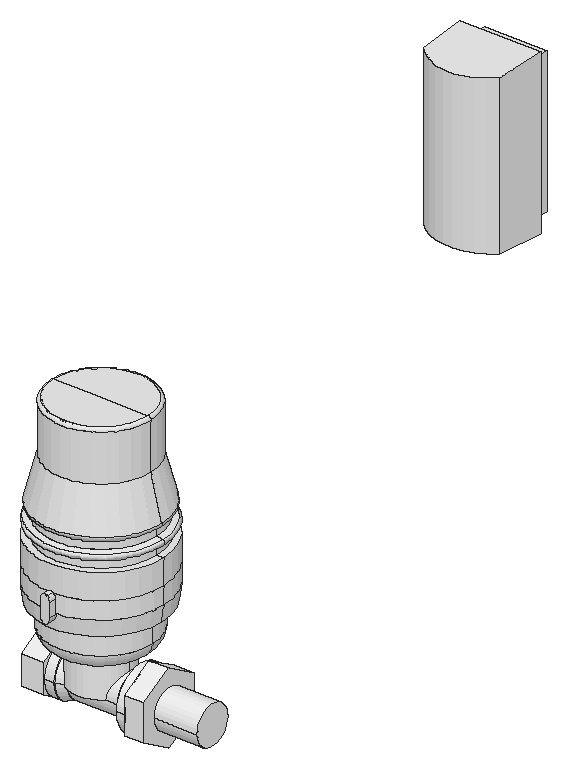
Revit family "RA-FN_Straight_DN10-20_F_Redia_RFA_1", category Pipe Accessories, Revit 2019
Family settings
  Round Connector Dimension = Use Diameter
  Part Type = Valve - Breaks Into
  OmniClass Number = 23.65.55.14.17
  OmniClass Title = Adjusting/Controlling Valves for Liquid Services
  Work Plane-Based = No
  Always vertical = Yes
  Cut with Voids When Loaded = No
  Shared = No
Parameters (values of type "RA-FN_Straight_DN10_Internal_F_013G0002")
  Weight = 0.21 kg
  W = 58.00 mm  # constant formula
  Sensor Type = Redia Sensors_RA_RFA : Redia Sensors_RA_Remote_8-28 °C
  SL = L1 + L2  # 55.50 mm
  Redia_Remote = Redia Sensors_RA_RFA : Redia Sensors_RA_Remote_8-28 °C
  Redia_8_28 = Redia Sensors_RA_RFA : Redia Sensors_RA_Built-in_8-28 °C
  Redia_16_28 = Redia Sensors_RA_RFA : Redia Sensors_RA_Built-in_16-28 °C
  RV4_1 = 15.50 mm
  RV2_1 = 12.50 mm
  RV4 = 13.30 mm
  RV3 = 11.00 mm
  RV2 = 10.80 mm
  Pressure Drop [instance] = 0.0 bar
  Model Type = "RA-FN_Straight_DN10_Internal_F"
  Model = "013G0002"
  Max Operating Pressure = "10 bar"  # constant formula
  Max Medium Temperature = "120 ˚C"  # constant formula
  Max Differential Pressure = "0.6 bar"  # constant formula
  L_2 = 8.50 mm
  Valve Body Material = Danfoss Nickel Plated Brass
  RV5 = 8.30 mm
  LOD 350 = not(LOD 200)  # yes
  LOD 200 = no
  L7 = 3.60 mm
  L5 = 14.50 mm
  L4 = 7.50 mm
  L3 = 4.20 mm
  L = 74.50 mm
  Kvs = 0.65 m³/h
  IfcExportType = "RA-FN"  # constant formula
  IfcExportAs = "IfcValveType"  # constant formula
  L_1 = 9.80 mm
  URL = "https://store.danfoss.com/en/Climate-Solutions-for-heating/Radiator-Thermostats/Radiator-Valves/Build-on-valves/Fixed-capacity-valves/c/13867?q=%3Arelevance%3Adanfoss_producttypehierarchydesc%3ARA-FN&text="
  Manufacturer = "Danfoss"  # constant formula
  L2 = 29.50 mm
  L1 = 26.00 mm
  Ha = if(or(Sensor Type = Redia_8_28, Sensor Type = Redia_16_28, Sensor Type = Redia_Remote), 96.00 mm, 94.80 mm)  # 96.00 mm
  HT = 48.00 mm  # constant formula
  HB = 15.59 mm
  H = Ha + 15.00 mm + HB  # 126.59 mm
  Flow [instance] = 0.0 m³/h
  Description = "Thermostatic Radiator Valve"  # constant formula
  D_Thread = L_Thread2 * 2  # 27.00 mm
  DB1 = 25.50 mm
  DV1 = 18.00 mm
  L_Thread2 = 13.50 mm
  L_Thread1 = 10.80 mm
  D = 10.00 mm
  Connection = "Internal Thread"  # constant formula
Types (3, lengths in mm): name | Weight | SL | Redia_8_28 | Redia_16_28 | RV4_1 | RV2_1 | RV4 | RV3 | RV2 | Model Type | Model | L_2 | RV5 | L7 | L5 | L4 | L3 | L | Kvs | L_1 | L2 | L1 | HB | H | D_Thread | DB1 | DV1 | L_Thread2 | L_Thread1 | D
  RA-FN_Straight_DN10_Internal_F_013G0002 | 0.21 kg | 55.50 | Redia Sensors_RA_RFA : Redia Sensors_RA_Built-in_8-28 °C | Redia Sensors_RA_RFA : Redia Sensors_RA_Built-in_16-28 °C | 15.50 | 12.50 | 13.30 | 11.00 | 10.80 | "RA-FN_Straight_DN10_Internal_F" | "013G0002" | 8.50 | 8.30 | 3.60 | 14.50 | 7.50 | 4.20 | 74.50 | 0.65 m³/h | 9.80 | 29.50 | 26.00 | 15.59 | 126.59 | 27.00 | 25.50 | 18.00 | 13.50 | 10.80 | 10.00
  RA-FN_Straight_DN15_Internal_F_013G0004 | 0.24 kg | 61.00 | Redia Sensors_RA_RFA : Redia Sensors_RA_Built-in_16-28 °C | Redia Sensors_RA_RFA : Redia Sensors_RA_Built-in_8-28 °C | 17.30 | 15.30 | 14.80 | 12.30 | 12.50 | "RA-FN_Straight_DN15_Internal_F" | "013G0004" | 10.00 | 10.50 | 3.80 | 15.50 | 9.50 | 4.00 | 82.00 | 0.9 m³/h | 10.00 | 32.00 | 29.00 | 17.32 | 128.32 | 30.00 | 25.50 | 20.30 | 15.00 | 13.30 | 15.00
  RA-FN_Straight_DN20_Internal_F_013G0006 | 0.39 kg | 74.30 | Redia Sensors_RA_RFA : Redia Sensors_RA_Built-in_16-28 °C | Redia Sensors_RA_RFA : Redia Sensors_RA_Built-in_8-28 °C | 21.00 | 18.30 | 18.20 | 15.00 | 15.60 | "RA-FN_Straight_DN20_Internal_F" | "013G0006" | 14.00 | 13.30 | 4.20 | 18.00 | 14.00 | 6.20 | 96.50 | 1.4 m³/h | 12.20 | 39.30 | 35.00 | 21.13 | 132.13 | 36.60 | 29.00 | 25.00 | 18.30 | 15.80 | 20.00
Reference planes
  plane 1 "Center (Front/Back)": y = 0
  plane 2 "XYPLANE": z = 6
  plane 3 "Center (Left/Right)": x = 0
  plane 4 "63": x = 0
  plane 5 "62": x = -26
  plane 6 "61": x = 29.5
  plane 7 "60": y = 0
  plane 8 "59": z = 0
  plane 9 "Y2": x = -16.2
  plane 10: z = 111
  plane 11: x = 48.5
  plane 12: x = 21
  plane 13: z = 15
  plane 14: x = 14.5
  plane 15: x = -7.5
  plane 16: x = -11.7
  plane 17: x = 17.4
  plane 18: x = -11.473
  plane 19: z = -15.59
  plane 20: y = 27.5
  plane 21: y = -30.5
Forms (mm)
  Extrusion 1, solid, material "Danfoss Nickel Plated Brass" <- "Valve Body Material", visible <- "LOD 350", detail levels fine
    sketch origin (-15, 0, 0) x (0, 0, 1) y (0, -1, 0)
      loop
        circle (0, 0) r 9
    from 7.5 to 29.5
  Extrusion 2, solid, material "Danfoss Nickel Plated Brass" <- "Valve Body Material", visible <- "LOD 350", detail levels fine
    sketch origin (29.5, -750, 0) x (0, 1, 0) y (0, 0, 1)
      loop
        line (750, 15.588) -> (736.5, 7.794) -> (736.5, -7.794) -> (750, -15.588) -> (763.5, -7.794) -> (763.5, 7.794) -> (750, 15.588)
    from 0 to -8.5
  Extrusion 3, solid, material "Danfoss Nickel Plated Brass" <- "Valve Body Material", visible <- "LOD 350", detail levels fine
    sketch origin (-26, -750, 0) x (0, 1, 0) y (0, 0, 1)
      loop
        line (750, 12.471) -> (739.2, 6.235) -> (739.2, -6.235) -> (750, -12.471) -> (760.8, -6.235) -> (760.8, 6.235) -> (750, 12.471)
    from 0 to 9.8 <- "L_1"
  Extrusion 4, solid, material "Danfoss Nickel Plated Brass" <- "Valve Body Material", visible <- "LOD 350", detail levels fine
    sketch origin (29.5, -750, 0) x (0, 1, 0) y (0, 0, 1)
      loop
        circle (750, 0) r 10.8
    from -45.7 to -41.2
  Extrusion 5, solid, material "Danfoss Nickel Plated Brass" <- "Valve Body Material", visible <- "LOD 200", detail levels fine
    sketch origin (29.5, -750, 0) x (0, 1, 0) y (0, 0, 1)
      loop
        circle (750, 0) r 9
    from -45.7 to -8.5
  Extrusion 6, solid, material "Danfoss Nickel Plated Brass" <- "Valve Body Material", detail levels fine
    sketch origin (0, 0, 0) x (0, 1, 0) y (0, 0, 1)
      loop
        circle (0, 0) r 8.3
    from 29.5 to 48.5
  Extrusion 7, solid, material "Danfoss Nickel Plated Brass" <- "Valve Body Material", detail levels fine
    sketch origin (0, 0, 0) x (1, 0, 0) y (0, 1, 0)
      loop
        circle (0, 0) r 12.75
    from 0 to 15
  Blend 8, solid, material "Danfoss Nickel Plated Brass" <- "Valve Body Material", visible <- "LOD 350", detail levels fine
    base sketch origin (0, 0, 0) x (0, 1, 0) y (0, 0, 1)
      loop
        circle (0, 0) r 10.8
    top sketch origin (0, 0, 0) x (0, 1, 0) y (0, 0, 1)
      loop
        circle (0, 0) r 9
    from -11.7 to -7.5
  Blend 9, solid, material "Danfoss Nickel Plated Brass" <- "Valve Body Material", visible <- "LOD 350", detail levels fine
    base sketch origin (0, 0, 0) x (0, 1, 0) y (0, 0, -1)
      loop
        circle (0, 0) r 11
    top sketch origin (0, 0, 0) x (0, 1, 0) y (0, 0, -1)
      loop
        circle (0, 0) r 9
    from -17.4 to -14.5
  Extrusion 10, solid, material "Danfoss Nickel Plated Brass" <- "Valve Body Material", visible <- "LOD 350", detail levels fine
    sketch origin (-29.5, -750, 0) x (0, 1, 0) y (0, 0, -1)
      loop
        circle (750, 0) r 13.3
    from -50.5 to -46.9
  Extrusion 11, solid, material "Danfoss Nickel Plated Brass" <- "Valve Body Material", visible <- "LOD 200", detail levels fine
    sketch origin (0, 0, 0) x (0, 1, 0) y (0, 0, 1)
      loop
        circle (0, 0) r 12.5
    from -26 to -16.2
  Extrusion 12, solid, material "Danfoss Nickel Plated Brass" <- "Valve Body Material", visible <- "LOD 200", detail levels fine
    sketch origin (0, 0, 0) x (0, 1, 0) y (0, 0, 1)
      loop
        circle (0, 0) r 15.5
    from 21 to 29.5
Lines and regions (mm)
  reference lines, not visible
    curve 1: circle (2, 2, 0) r 1 normal (0, 0, 1)
  reference lines, visible <- "LOD 350"
    curve 2: line (29.5, 0, 0) -> (29.5, 5.846, -3.375)
    curve 3: line (29.5, 0, 0) -> (29.5, 0, -6.75)
    curve 4: line (29.5, 0, 0) -> (29.5, -5.846, -3.375)
    curve 5: line (-26, 0, 0) -> (-26, -4.98, -2.875)
    curve 6: line (-26, 0, 0) -> (-26, 0, -5.75)
    curve 7: line (-26, 0, 0) -> (-26, 4.98, -2.875)
Dimensions and locks
  plane 1 "Center (Front/Back)" to curve 1 = 2.00 mm
  locked: plane 3 "Center (Left/Right)" to plane 4 "63"
  "L1": plane 3 "Center (Left/Right)" to plane 5 "62"
  "L2": plane 3 "Center (Left/Right)" to plane 6 "61"
  locked: plane 1 "Center (Front/Back)" to plane 7 "60"
  plane 8 "59" to plane 2 "XYPLANE" = 6.00 mm
  "L_Thread2": curve 2 to Extrusion 2 sketch curve  (x2)
  "L_Thread2": curve 3 to Extrusion 2 sketch curve  (x2)
  "L_Thread2": curve 4 to Extrusion 2 sketch curve  (x2)
  "L_Thread1": curve 5 to Extrusion 3 sketch curve  (x2)
  "L_Thread1": curve 6 to Extrusion 3 sketch curve  (x2)
  "L_Thread1": curve 7 to Extrusion 3 sketch curve  (x2)
  "L_1": plane 5 "62" to plane 9 "Y2"
  "L_2": plane 12 to plane 6 "61"
  "L4": plane 3 "Center (Left/Right)" to plane 15
  "L5": plane 14 to plane 3 "Center (Left/Right)"
  "L3": plane 15 to plane 16
  "L": plane 5 "62" to plane 11
  plane 6 "61" to plane 5 "62" = 55.50 mm
  plane 11 to plane 5 "62" = 74.50 mm
  "L7": plane 12 to plane 17
  locked: plane 18 to plane 9 "Y2" at 4.727
  locked: plane 13 to level at 15
  "W": plane 21 to plane 20
  "Ha": plane 10 to plane 13
  "H": plane 10 to plane 19
  "DV1": diameter of Extrusion 1 sketch curve
  "RV2": radius of Extrusion 4 sketch curve
  "DV1": diameter of Extrusion 5 sketch curve
  "RV5": radius of Extrusion 6 sketch curve
  "DB1": diameter of Extrusion 7 sketch curve
  "RV2": radius of Blend 8 sketch curve
  "DV1": diameter of Blend 8 sketch curve
  "RV3": radius of Blend 9 sketch curve
  "DV1": diameter of Blend 9 sketch curve
  "RV4": radius of Extrusion 10 sketch curve
  "RV2_1": radius of Extrusion 11 sketch curve
  "RV4_1": radius of Extrusion 12 sketch curve
  locked: curve 3 to curve 2 (angle 60.00°)
  locked: curve 4 to curve 3 (angle 60.00°)
  locked: curve 4 to curve 2 (angle 120.00°)
  locked: curve 6 to curve 5 (angle 60.00°)
  locked: curve 7 to curve 6 (angle 60.00°)
  locked: curve 7 to curve 5 (angle 120.00°)
  aligned and locked: Extrusion 1 sketch curve to plane 7 "60"
  aligned and locked: curve 4 to plane 7 "60"
  aligned and locked: plane 8 "59" to curve 4
  aligned and locked: curve 7 to plane 7 "60"
  aligned and locked: plane 8 "59" to curve 7
  aligned and locked: plane 1 "Center (Front/Back)" to Extrusion 4 sketch curve
  aligned and locked: level to Extrusion 4 sketch curve
  aligned and locked: plane 1 "Center (Front/Back)" to Extrusion 5 sketch curve
  aligned and locked: level to Extrusion 5 sketch curve
  aligned and locked: plane 9 "Y2" to Extrusion 3
  aligned and locked: plane 1 "Center (Front/Back)" to Extrusion 6 sketch curve
  aligned and locked: level to Extrusion 6 sketch curve
  aligned and locked: Extrusion 2 to plane 12
  aligned and locked: plane 4 "63" to Extrusion 7 sketch curve
  aligned and locked: plane 7 "60" to Extrusion 7 sketch curve
  aligned and locked: plane 13 to Extrusion 7
  aligned and locked: Extrusion 6 to plane 6 "61"
  aligned and locked: Extrusion 6 to plane 11
  aligned and locked: Extrusion 1 to plane 15
  aligned and locked: plane 14 to Extrusion 1
  aligned and locked: Extrusion 4 to plane 9 "Y2"
  aligned and locked: plane 16 to Extrusion 4
  aligned and locked: plane 1 "Center (Front/Back)" to Blend 8 sketch curve  (x2)
  aligned and locked: level to Blend 8 sketch curve  (x2)
  aligned and locked: Blend 8 to plane 16
  aligned and locked: plane 15 to Blend 8
  aligned and locked: plane 14 to Blend 9
  aligned and locked: plane 1 "Center (Front/Back)" to Blend 9 sketch curve  (x2)
  aligned and locked: level to Blend 9 sketch curve  (x2)
  aligned and locked: Extrusion 5 to plane 9 "Y2"
  aligned and locked: plane 12 to Extrusion 5
  aligned and locked: plane 17 to Blend 9
  aligned and locked: plane 12 to Extrusion 10
  aligned and locked: Extrusion 10 to plane 17
  aligned and locked: plane 1 "Center (Front/Back)" to Extrusion 11 sketch curve
  aligned and locked: level to Extrusion 11 sketch curve
  aligned and locked: Extrusion 11 to plane 5 "62"
  aligned and locked: Extrusion 11 to plane 9 "Y2"
  aligned and locked: plane 1 "Center (Front/Back)" to Extrusion 12 sketch curve
  aligned and locked: level to Extrusion 12 sketch curve
  aligned and locked: Extrusion 2 to Extrusion 12
  aligned and locked: Extrusion 12 to plane 6 "61"
  aligned and locked: plane 3 "Center (Left/Right)" to nested 1
  aligned and locked: plane 13 to nested 1
  aligned and locked: plane 1 "Center (Front/Back)" to nested 1
  aligned and locked: nested 2 to plane 13
  aligned and locked: plane 3 "Center (Left/Right)" to nested 2
  aligned and locked: plane 1 "Center (Front/Back)" to nested 2
  aligned and locked: plane 8 "59" to nested 3
  aligned and locked: nested 3 to plane 6 "61"
  aligned and locked: plane 1 "Center (Front/Back)" to nested 3
Automatic sketch dimensions
  plane 3 "Center (Left/Right)" to curve 1 = 2.00 mm
  Extrusion 1 sketch curve to level = 0.00 mm
  Extrusion 6 sketch curve to level = 0.00 mm
  Extrusion 10 sketch curve to level = 0.00 mm
  Extrusion 10 sketch curve to plane 1 "Center (Front/Back)" = 0.00 mm
  radius of curve 1 = 1.00 mm
Nested families
  nested 1: "connection neck" at (0, 0, 15), LOD 200 <- "LOD 200", type "connection", detail levels fine
    with LOD 350 yes, LOD 200 no, DN20(350) no, DN10-15(350) yes
  nested 2: "Redia Sensors_RA_RFA" at (0, 0, 15), LOD 200 <- "LOD 200", type <- "Sensor Type", type "Redia Sensors_RA_Remote_8-28 °C", detail levels fine
    with Y' 1200.00 mm, X' 1200.00 mm, LOD 350 yes, LOD 200 no, Box Z Offset 100.00 mm, Box Y Offset 100.00 mm, Box X Offset 100.00 mm
  nested 3: "Schematic_TRV_Sensor_Straight" at (1.75, 0, 0), type "Schematic_TRV_Sensor_Straight", detail levels coarse+medium
    with LA_1 2.40 mm, HA_2 17.28 mm, HA_1 4.32 mm, HA 21.60 mm, LA 12.96 mm, L 55.50 mm, D 27.00 mm
Connectors
  piping at (-26, 0, 0), diameter 10, driven by "D", driven by "Flow"
    settings: on Extrusion 3, index 2, connector inside diameter 609.6 mm, connector length 0.00 mm, flow factor 0, pipe flow 0.0 m³/h, pressure drop 0.0 bar, fitting loss kfactor 0, connector angle 0.00°, fixture units 0, engagement length 0.00 mm, angle of deflection 0.00°, flow configuration 0, flow direction 1, fitting loss method 0, system type 29, joint type 0, gender type 0, connector reference index 3, connector utility 0, adjustable connector no, is connector primary yes, connector description ""
  piping at (29.5, 0, 0), diameter 10, driven by "Flow", driven by "D"
    settings: on Extrusion 2, index 3, connector inside diameter 609.6 mm, connector length 0.00 mm, flow factor 0, pipe flow 0.0 m³/h, pressure drop 0.0 bar, fitting loss kfactor 0, connector angle 0.00°, fixture units 0, engagement length 0.00 mm, angle of deflection 0.00°, flow configuration 0, flow direction 2, fitting loss method 0, system type 29, joint type 0, gender type 0, connector reference index 2, connector utility 0, adjustable connector no, is connector primary no, connector description ""
Definition of nested family "connection neck"
  Parameters (values of type "connection")
    Model = ""
    Valve Body Material = none
    LOD 350 [instance] = not(LOD 200)  # yes
    LOD 200 [instance] = no
    IfcExportType = "Connection neck"  # constant formula
    IfcExportAs = "IfcValveType"  # constant formula
    URL = "https://store.danfoss.com/en/Climate-Solutions-for-heating/Radiator-Thermostats/Radiator-Valves/Build-on-valves/Presetting-valves/c/13866?q=%3Arelevance%3Adanfoss_producttypehierarchydesc%3ARA-N&text="
    Manufacturer = "Danfoss"  # constant formula
    HT1 = if(D = 20.00 mm, 12.55 mm, 12.65 mm)  # 12.65 mm
    HT = 33.00 mm  # constant formula
    H [instance] = 33.00 mm
    Description = "Thermostatic Radiator Valve"  # constant formula
    DN20(350) [instance] = and((LOD 350), D = 20.00 mm)  # no
    DN10-15(350) [instance] = and((LOD 350), D < 20.00 mm)  # yes
    D = 10.00 mm
  Reference planes
    plane 1 "Center (Front/Back)": y = 0
    plane 2 "XYPLANE": z = 6
    plane 3 "Center (Left/Right)": x = 0
    plane 4 "67": z = 27.03
    plane 5 "66": z = 7
    plane 6 "63": x = 0
    plane 7 "60": y = 0
    plane 8 "59": z = 0
    plane 9: z = 33
    plane 10: z = 12.65
    plane 11: z = 0
    plane 12 "HT1": z = 12.65
    plane 13: z = 6.1
    plane 14: z = 23.03
  Forms (mm)
    Revolve 1, solid, detail levels fine
      sketch origin (0, 0, 0) x (1, 0, 0) y (0, 0, 1)
        loop
          line (0, 33) -> (0, 27.03) -> (1, 27.03) -> (1, 33) -> (0, 33)
        axis (0, 27.03) -> (0, 33)
      angle from 0 to 360
    Revolve 2, solid, visible <- "DN10-15(350)", detail levels fine
      sketch origin (0, 0, 0) x (1, 0, 0) y (0, 0, 1)
        loop
          line (0, 0) -> (11.5, 0) -> (11.5, 7) -> (8.3, 7) -> (8.3, 12.65) -> (0, 12.65) -> (0, 0)
        axis (0, 12.65) -> (0, 0)
      angle from 0 to 360
    Revolve 3, solid, material <- "Valve Body Material", detail levels fine
      sketch origin (0, 0, 0) x (1, 0, 0) y (0, 0, 1)
        loop
          line (0, 23.03) -> (0, 12.65) -> (9.3, 12.65) -> (9.3, 23.03) -> (0, 23.03)
        axis (0, 12.65) -> (0, 23.03)
      angle from 0 to 360
    Revolve 4, solid, visible <- "LOD 200", detail levels fine
      sketch origin (0, 0, 0) x (1, 0, 0) y (0, 0, 1)
        loop
          line (0, 0) -> (11.5, 0) -> (11.5, 12.65) -> (0, 12.65) -> (0, 0)
        axis (0, 0) -> (0, 12.65)
      angle from 0 to 360
    Extrusion 5, solid, visible <- "LOD 350", detail levels fine
      sketch origin (0, 0, 0) x (1, 0, 0) y (0, 1, 0)
        loop
          line (-2.887, 5) -> (-5.774, 0) -> (-2.887, -5) -> (2.887, -5) -> (5.774, 0) -> (2.887, 5) -> (-2.887, 5)
      from 23.03 to 27.03
    Revolve 6, solid, visible <- "LOD 200", detail levels fine
      sketch origin (0, 0, 0) x (1, 0, 0) y (0, 0, 1)
        loop
          line (0, 27.03) -> (0, 23.03) -> (5.774, 23.03) -> (5.774, 27.03) -> (0, 27.03)
        axis (0, 27.03) -> (0, 23.03)
      angle from 0 to 360
    Revolve 7, solid, visible <- "DN20(350)", detail levels fine
      sketch origin (0, 0, 0) x (1, 0, 0) y (0, 0, 1)
        loop
          line (0, 0) -> (11.5, 0) -> (11.5, 6.1) -> (8.3, 6.1) -> (8.3, 12.65) -> (0, 12.65) -> (0, 0)
        axis (0, 12.65) -> (0, 0)
      angle from 0 to 360
  Lines and regions (mm)
    reference lines, not visible
      curve 1: circle (2, 2, 0) r 1 normal (0, 0, 1)
    reference lines, visible <- "LOD 350"
      curve 2: line (32, 0, 0) -> (32, 5.846, -3.375)
      curve 3: line (32, 0, 0) -> (32, 0, -6.75)
      curve 4: line (32, 0, 0) -> (32, -5.846, -3.375)
      curve 5: line (-29, 0, 0) -> (-29, -4.98, -2.875)
      curve 6: line (-29, 0, 0) -> (-29, 0, -5.75)
      curve 7: line (-29, 0, 0) -> (-29, 4.98, -2.875)
  Dimensions and locks
    plane 1 "Center (Front/Back)" to curve 1 = 2.00 mm
    locked: plane 3 "Center (Left/Right)" to plane 6 "63"
    locked: plane 1 "Center (Front/Back)" to plane 7 "60"
    plane 8 "59" to plane 2 "XYPLANE" = 6.00 mm
    "HT": plane 9 to level
    Revolve 3 sketch curve to Revolve 3 sketch curve = 9.30 mm
    Revolve 2 sketch curve to plane 3 "Center (Left/Right)" = 11.50 mm
    Revolve 2 sketch curve to plane 3 "Center (Left/Right)" = 8.30 mm
    Revolve 4 sketch curve to Revolve 4 sketch curve = 11.50 mm
    Extrusion 5 sketch curve to Extrusion 5 sketch curve = 10.00 mm  (x3)
    equal spacing: Extrusion 5 sketch curve, plane 1 "Center (Front/Back)", Extrusion 5 sketch curve
    equal spacing: Extrusion 5 sketch curve, plane 3 "Center (Left/Right)", Extrusion 5 sketch curve  (x2)
    Revolve 6 sketch curve to Revolve 6 sketch curve = 5.774 mm
    "H": plane 9 to plane 11
    Revolve 1 sketch curve to Revolve 1 sketch curve = 1.00 mm
    locked: level to plane 11
    Revolve 7 sketch curve to plane 3 "Center (Left/Right)" = 8.30 mm
    Revolve 7 sketch curve to plane 3 "Center (Left/Right)" = 11.50 mm
    plane 10 to plane 5 "66" = 5.65 mm
    "HT1": plane 12 "HT1" to level
    locked: plane 13 to level at 6.1
    plane 12 "HT1" to plane 13 = 6.55 mm
    locked: plane 14 to plane 12 "HT1" at 10.38
    locked: plane 4 "67" to plane 14 at 4
    locked: plane 5 "66" to level at 7
    locked: curve 3 to curve 2 (angle 60.00°)
    locked: curve 4 to curve 3 (angle 60.00°)
    locked: curve 4 to curve 2 (angle 120.00°)
    locked: curve 6 to curve 5 (angle 60.00°)
    locked: curve 7 to curve 6 (angle 60.00°)
    locked: curve 7 to curve 5 (angle 120.00°)
    aligned and locked: curve 4 to plane 7 "60"
    aligned and locked: plane 8 "59" to curve 4
    aligned and locked: curve 7 to plane 7 "60"
    aligned and locked: plane 8 "59" to curve 7
    aligned and locked: Revolve 1 sketch curve to plane 6 "63"
    aligned and locked: Revolve 1 sketch curve to plane 9
    aligned and locked: plane 6 "63" to Revolve 1 sketch curve
    aligned and locked: Revolve 2 sketch curve to plane 5 "66"
    aligned and locked: Revolve 2 sketch curve to plane 3 "Center (Left/Right)"
    aligned and locked: Revolve 2 sketch curve to Revolve 2 sketch curve
    aligned and locked: Revolve 3 sketch curve to plane 6 "63"
    aligned and locked: plane 6 "63" to Revolve 3 sketch curve
    aligned and locked: Revolve 4 sketch curve to plane 6 "63"
    aligned and locked: plane 2 "XYPLANE" to Revolve 4 sketch curve
    aligned and locked: plane 6 "63" to Revolve 4 sketch curve
    aligned and locked: Revolve 1 sketch curve to plane 4 "67"
    aligned and locked: plane 4 "67" to Revolve 1 sketch curve
    aligned and locked: Revolve 2 sketch curve to plane 11
    aligned and locked: plane 11 to Revolve 2 sketch curve
    aligned and locked: plane 4 "67" to Extrusion 5
    aligned and locked: plane 10 to Revolve 4
    aligned and locked: Revolve 6 sketch curve to plane 6 "63"  (x2)
    aligned and locked: Revolve 6 sketch curve to plane 4 "67"
    aligned and locked: Revolve 6 sketch curve to Revolve 1
    aligned and locked: Revolve 6 sketch curve to Revolve 6 sketch curve
    aligned and locked: Revolve 7 sketch curve to level
    aligned and locked: Revolve 7 sketch curve to plane 3 "Center (Left/Right)"  (x2)
    aligned and locked: Revolve 4 sketch curve to plane 12 "HT1"
    aligned and locked: Revolve 3 sketch curve to plane 12 "HT1"
    aligned and locked: Revolve 2 sketch curve to plane 12 "HT1"
    aligned and locked: Revolve 7 sketch curve to plane 12 "HT1"
    aligned and locked: Revolve 7 sketch curve to plane 13
    aligned and locked: Revolve 3 sketch curve to plane 14
    aligned and locked: Extrusion 5 to plane 14
  Automatic sketch dimensions
    plane 3 "Center (Left/Right)" to curve 1 = 2.00 mm
    plane 9 to Revolve 1 sketch curve = 0.838 mm
    Revolve 3 sketch curve to plane 3 "Center (Left/Right)" = 0.00 mm
    plane 5 "66" to Revolve 3 sketch curve = 2.50 mm
    Revolve 3 sketch curve to plane 9 = 1.691 mm
    Revolve 4 sketch curve to plane 11 = 0.00 mm
    Revolve 4 sketch curve to plane 9 = 0.30 mm
    plane 1 "Center (Front/Back)" to Extrusion 5 sketch curve = 0.00 mm
    Extrusion 5 sketch curve to Extrusion 5 sketch curve = 2.887 mm
    Revolve 7 sketch curve to Revolve 7 sketch curve = 0.00 mm
    Revolve 7 sketch curve to Revolve 7 sketch curve = 11.48 mm
    Revolve 2 sketch curve to plane 4 "67" = 3.00 mm
    Revolve 6 sketch curve to plane 4 "67" = 4.00 mm
    radius of curve 1 = 1.00 mm
Definition of nested family "Redia Sensors_RA_RFA"
  Parameters (values of type "Redia Sensors_RA_Built-in_8-28 °C")
    YH = XYadd - H'  # 504.10 mm
    Y' [instance] = if(Box Y Offset < -1 * XYlimit, XYadd - XYlimit, (if(Box Y Offset > XYlimit, XYadd + XYlimit, Box Y Offset + XYadd)))  # 700.00 mm
    XYadd = XYlimit + 100.00 mm  # 600.00 mm
    X' [instance] = if(Box X Offset < -1 * XYlimit, XYadd - XYlimit, (if(Box X Offset > XYlimit, XYadd + XYlimit, Box X Offset + XYadd)))  # 700.00 mm
    XYlimit = 500.00 mm
    W [instance] = 57.89 mm
    Redia Sensor = Redia_RA_RFA : Redia Sensors_standard
    Sensor Media = "Liquid"  # constant formula
    Remote Sensor = if(RS = 1, 1 = 1, 1 = 0)  # no
    Box Z Offset [instance] = 100.00 mm  # constant formula
    URL = "https://store.danfoss.com/en/Climate-Solutions-for-heating/Radiator-Thermostats/Radiator-sensors/Room-sensor-mTRV/Sensors-for-Danfoss-RA-valves/c/13884?q=%3Arelevance%3Adanfoss_a1184338573%3AA1184_3385735918e24870f0ea98b9978dae8a69c533%3Adanfoss_producttypehierarchydesc%3ADanfoss+Redia%C2%AE+Sensors%3Adanfoss_a1186338575%3AA1186_3385757565fa0f3e171a343b2fd2a01064cb82&text="
    RS = 0
    Model Type = "Redia Sensors_RA_Built-in_8-28 °C"
    Model = "015G3390,015G3380,015G3388,015G3398,015G3898"
    Min Temperature Setting = "8 °C"
    Max Temperature Setting = "28 °C"
    Max Capillary Tube Length = 0.00 mm
    Manufacturer = "Danfoss"  # constant formula
    LOD 350 [instance] = not(LOD 200)  # yes
    LOD 200 [instance] = no
    L [instance] = 55.00 mm
    IfcExportType = "Redia Sensors"  # constant formula
    IfcExportAs = "IfcActuatorType"  # constant formula
    H' = 95.90 mm
    H [instance] = 95.90 mm
    Description = "Radiator Sensor"  # constant formula
    Connection = "RA"  # constant formula
    Box Y Offset [instance] = 100.00 mm
    Box X Offset [instance] = 100.00 mm
    Body Material = none
  Types (8, lengths in mm): name | YH | Y' | XYadd | X' | XYlimit | Redia Sensor | Remote Sensor | URL | RS | Model Type | Model | Min Temperature Setting | Max Temperature Setting | Max Capillary Tube Length | H' | H
    (no name) | 504.10 | 700.00 | 600.00 | 700.00 | 500.00 | Redia_RA_RFA : Redia Sensors_standard | no | "https://store.danfoss.com/en/Climate-Solutions-for-heating/Radiator-Thermostats/Radiator-sensors/Room-sensor-mTRV/Sensors-for-Danfoss-RA-valves/c/13884?q=%3Arelevance%3Adanfoss_a1184338573%3AA1184_3385735918e24870f0ea98b9978dae8a69c533%3Adanfoss_producttypehierarchydesc%3ADanfoss+Redia%C2%AE+Sensors%3Adanfoss_a1186338575%3AA1186_3385757565fa0f3e171a343b2fd2a01064cb82&text=" | 0 | "Redia Sensors_RA_Built-in_8-28 °C" | "015G3390,015G3380,015G3388,015G3398,015G3898" | "8 °C" | "28 °C" | 0.00 | 95.90 | 95.90
    Redia Sensors_RA_Remote_8-28 °C | 1004.10 | 1200.00 | 1100.00 | 1200.00 | 1000.00 | Redia_RA_RFA : Redia Sensors_standard | yes | "https://store.danfoss.com/en/Climate-Solutions-for-heating/Radiator-Thermostats/Radiator-sensors/Room-sensor-mTRV/Sensors-for-Danfoss-RA-valves/c/13884?q=%3Arelevance%3Adanfoss_a1184338573%3AA1184_3385735918e24870f0ea98b9978dae8a69c533%3Adanfoss_producttypehierarchydesc%3ADanfoss+Redia%C2%AE+Sensors%3Adanfoss_a1186338575%3AA1186_3385756922a4d78decdb47e1e9a53dbb12a95d&text=" | 1 | "Redia Sensors_RA_Remote_8-28 °C" | "015G3392,015G3382" | "8 °C" | "28 °C" | 2000.00 | 95.90 | 95.90
    Redia Sensors_RA_Built-in_8-28 °C | 504.10 | 700.00 | 600.00 | 700.00 | 500.00 | Redia_RA_RFA : Redia Sensors_standard | no | "https://store.danfoss.com/en/Climate-Solutions-for-heating/Radiator-Thermostats/Radiator-sensors/Room-sensor-mTRV/Sensors-for-Danfoss-RA-valves/c/13884?q=%3Arelevance%3Adanfoss_a1184338573%3AA1184_3385735918e24870f0ea98b9978dae8a69c533%3Adanfoss_producttypehierarchydesc%3ADanfoss+Redia%C2%AE+Sensors%3Adanfoss_a1186338575%3AA1186_3385757565fa0f3e171a343b2fd2a01064cb82&text=" | 0 | "Redia Sensors_RA_Built-in_8-28 °C" | "015G3390,015G3380,015G3388,015G3398,015G3898" | "8 °C" | "28 °C" | 0.00 | 95.90 | 95.90
    Redia Sensors_RA_Built-in_16-28 °C | 504.10 | 700.00 | 600.00 | 700.00 | 500.00 | Redia_RA_RFA : Redia Sensors_standard | no | "https://store.danfoss.com/en/Climate-Solutions-for-heating/Radiator-Thermostats/Radiator-sensors/Room-sensor-mTRV/Sensors-for-Danfoss-RA-valves/c/13884?q=%3Arelevance%3Adanfoss_a1184338573%3AA1184_3385735918e24870f0ea98b9978dae8a69c533%3Adanfoss_producttypehierarchydesc%3ADanfoss+Redia%C2%AE+Sensors%3Adanfoss_a1186338575%3AA1186_3385757565fa0f3e171a343b2fd2a01064cb82&text=" | 0 | "Redia Sensors_RA_Built-in_16-28 °C" | "015G3396,015G5334" | "16 °C" | "28 °C" | 0.00 | 95.90 | 95.90
    Redia Sensors_RA_Built-in_8-19.5 °C_015G5320 | 505.25 | 700.00 | 600.00 | 700.00 | 500.00 | Redia_RA_RFA : Redia Sensors_limited | no | "https://store.danfoss.com/en/Climate-Solutions-for-heating/Radiator-Thermostats/Radiator-sensors/Room-sensor-mTRV/Sensors-for-Danfoss-RA-valves/c/13884?q=%3Arelevance%3Adanfoss_a1184338573%3AA1184_3385735918e24870f0ea98b9978dae8a69c533%3Adanfoss_producttypehierarchydesc%3ADanfoss+Redia%C2%AE+Sensors%3Adanfoss_a1186338575%3AA1186_3385757565fa0f3e171a343b2fd2a01064cb82&text=" | 0 | "Redia Sensors_RA_Built-in_8-19.5 °C" | "015G5320" | "8 °C" | "19.5 °C" | 0.00 | 94.75 | 94.75
    Redia Sensors_RA_Built-in_8-21 °C_015G5421 | 505.25 | 700.00 | 600.00 | 700.00 | 500.00 | Redia_RA_RFA : Redia Sensors_limited | no | "https://store.danfoss.com/en/Climate-Solutions-for-heating/Radiator-Thermostats/Radiator-sensors/Room-sensor-mTRV/Sensors-for-Danfoss-RA-valves/c/13884?q=%3Arelevance%3Adanfoss_a1184338573%3AA1184_3385735918e24870f0ea98b9978dae8a69c533%3Adanfoss_producttypehierarchydesc%3ADanfoss+Redia%C2%AE+Sensors%3Adanfoss_a1186338575%3AA1186_3385757565fa0f3e171a343b2fd2a01064cb82&text=" | 0 | "Redia Sensors_RA_Built-in_8-21 °C" | "015G5421" | "8 °C" | "21 °C" | 0.00 | 94.75 | 94.75
    Redia Sensors_RA_Built-in_8-22 °C_015G5422 | 505.25 | 700.00 | 600.00 | 700.00 | 500.00 | Redia_RA_RFA : Redia Sensors_limited | no | "https://store.danfoss.com/en/Climate-Solutions-for-heating/Radiator-Thermostats/Radiator-sensors/Room-sensor-mTRV/Sensors-for-Danfoss-RA-valves/c/13884?q=%3Arelevance%3Adanfoss_a1184338573%3AA1184_3385735918e24870f0ea98b9978dae8a69c533%3Adanfoss_producttypehierarchydesc%3ADanfoss+Redia%C2%AE+Sensors%3Adanfoss_a1186338575%3AA1186_3385757565fa0f3e171a343b2fd2a01064cb82&text=" | 0 | "Redia Sensors_RA_Built-in_8-22 °C" | "015G5422" | "8 °C" | "22 °C" | 0.00 | 94.75 | 94.75
    Redia Sensors_RA_Built-in_8-23 °C_015G5423 | 505.25 | 700.00 | 600.00 | 700.00 | 500.00 | Redia_RA_RFA : Redia Sensors_limited | no | "https://store.danfoss.com/en/Climate-Solutions-for-heating/Radiator-Thermostats/Radiator-sensors/Room-sensor-mTRV/Sensors-for-Danfoss-RA-valves/c/13884?q=%3Arelevance%3Adanfoss_a1184338573%3AA1184_3385735918e24870f0ea98b9978dae8a69c533%3Adanfoss_producttypehierarchydesc%3ADanfoss+Redia%C2%AE+Sensors%3Adanfoss_a1186338575%3AA1186_3385757565fa0f3e171a343b2fd2a01064cb82&text=" | 0 | "Redia Sensors_RA_Built-in_8-23 °C" | "015G5423" | "8 °C" | "23 °C" | 0.00 | 94.75 | 94.75
  Reference planes
    plane 1 "Center (Front/Back)": y = 0
    plane 2: z = 0
    plane 3 "Center (Left/Right)": x = 0
    plane 4: z = 23.299
    plane 5: x = -600
    plane 6: z = -504.1
    plane 7: z = 195.9
    plane 8: z = 95.9
    plane 9: x = -27.5
    plane 10: x = 27.5
    plane 11: y = 27.5
    plane 12: y = -30.39
  Lines and regions (mm)
    reference lines
      curve 1: line (100, 100, 0) -> (100, 0, 0)
      curve 2: line (20, 100, 0) -> (-60, 100, 0)
  Dimensions and locks
    "XYadd": plane 5 to plane 3 "Center (Left/Right)"
    "YH": level to plane 6
    locked: plane 1 "Center (Front/Back)" to curve 2 at 100
    "Y'": plane 7 to plane 6
    "X'": plane 5 to curve 1
    "Box Z Offset": nested 1 to plane 1 "Center (Front/Back)"
    nested 1 to plane 3 "Center (Left/Right)" = 100.00 mm
    "H'": plane 8 to level
    "H": plane 8 to level
    nested 1 to plane 8 = 100.00 mm
    equal spacing: plane 9, plane 3 "Center (Left/Right)", plane 10
    "L": plane 9 to plane 10
    "W": plane 11 to plane 12
    aligned and locked: level to plane 2
    aligned and locked: nested 1 to curve 1
    aligned and locked: plane 7 to nested 1
    aligned and locked: plane 3 "Center (Left/Right)" to nested 2
    aligned and locked: nested 2 to curve 2
    aligned and locked: plane 1 "Center (Front/Back)" to nested 2
  Automatic sketch dimensions
    plane 1 "Center (Front/Back)" to curve 1 = 0.00 mm
    plane 10 to curve 2 = 7.50 mm
    plane 9 to curve 2 = 32.50 mm
  Nested families
    nested 1: "Remote sensor_L_box_RFA" at (100, 100, 195.9) x (-1, 0, 0) z (0, -1, 0), LOD 200 <- "LOD 200", Body Material <- "Body Material", visible <- "Remote Sensor", type "Remote sensor_box"
      with LOD 350 yes, LOD 200 no, Body Material none
    nested 2: "Redia_RA_RFA" at (0, 0, 0), type <- "Redia Sensor", type "Redia Sensors_standard", detail levels fine
  Definition of nested family "Remote sensor_L_box_RFA"
    Parameters (values of type "Remote sensor_box")
      W [instance] = 71.00 mm
      URL = ""
      Sensor Media = "Liquid"  # constant formula
      Model = ""
      Manufacturer = "Danfoss"  # constant formula
      LOD 350 [instance] = not(LOD 200)  # yes
      LOD 200 [instance] = no
      L [instance] = 35.00 mm
      IfcExportType = "Remote Liquid Sensor"  # constant formula
      IfcExportAs = "IfcActuatorType"  # constant formula
      H [instance] = 36.00 mm
      Description = "Radiator Sensor"  # constant formula
      Default Elevation = 1219.20 mm
      Body Material [instance] = none
    Reference planes
      plane 1 "Center (Front/Back)": y = 0
      plane 2: z = 0
      plane 3 "Center (Left/Right)": x = 0
      plane 4: z = 36
      plane 5: y = 35.5
      plane 6: y = -35.5
      plane 7: x = -17.5
      plane 8: x = 17.5
    Forms (mm)
      Extrusion 1, solid, material <- "Body Material", detail levels fine
        sketch origin (0, 0, 83.1) x (0, -1, 0) y (1, 0, 0)
          loop
            line (-31.3, -14.05) -> (31.3, -14.05) -> (31.3, 12.693) -> (-31.3, 12.693) -> (-31.3, -14.05)
        from -83.1 to -75.525
      Extrusion 2, solid, material <- "Body Material", visible <- "LOD 200", detail levels fine
        sketch origin (0, 0, 88.6) x (0, -1, 0) y (1, 0, 0)
          loop
            line (-35.5, -17.5) -> (35.5, -17.5) -> (35.5, 17.5) -> (-35.5, 17.5) -> (-35.5, -17.5)
        from -81.025 to -52.6
      Blend 3, solid, material <- "Body Material", visible <- "LOD 350", detail levels fine
        base sketch origin (0, 0, 82.972) x (0, -1, 0) y (1, 0, 0)
          loop
            line (-35.501, -17.5) -> (35.5, -17.5) -> (35.5, 17.5) -> (-35.501, 17.5) -> (-35.501, -17.5)
        top sketch origin (0, 0, 82.972) x (0, -1, 0) y (1, 0, 0)
          loop
            line (-33.935, -15.989) -> (33.935, -15.989) -> (33.935, 15.989) -> (-33.935, 15.989) -> (-33.935, -15.989)
        from -75.397 to -46.972
      Extrusion 4, void
        sketch origin (0, 0, 0) x (0, 1, 0) y (0, 0, 1)
          loop
            line (35.859, 0) -> (38.543, 0) -> (38.543, 36) -> (33.464, 36) -> (35.859, 0)
          loop
            line (-33.465, 36) -> (-38.605, 36) -> (-38.605, 0) -> (-35.857, 0) -> (-33.465, 36)
        from -17.5 to 17.5
      Extrusion 5, void
        sketch origin (0, 0, 0) x (1, 0, 0) y (0, 0, 1)
          loop
            arc (-17.5, 27.199) -> (0, 35.901) -> (17.5, 27.199) r 21.948
            line (17.5, 27.199) -> (27.5, 27.199) -> (27.5, 40.558) -> (-22.5, 40.558) -> (-22.5, 27.199) -> (-17.5, 27.199)
        from -52.842 to 46.921
      Extrusion 6, solid, material <- "Body Material", detail levels coarse+medium
        sketch origin (0, 0, 83.1) x (0, -1, 0) y (1, 0, 0)
          loop
            line (-35.5, -17.5) -> (35.5, -17.5) -> (35.5, 17.5) -> (-35.5, 17.5) -> (-35.5, -17.5)
        from -83.1 to -47.1
    Cuts and joins
      Extrusion 5 cuts Blend 3
    Dimensions and locks
      "H": plane 4 to level
      equal spacing: plane 7, plane 3 "Center (Left/Right)", plane 8
      "L": plane 7 to plane 8
      plane 8 to plane 7 = 35.00 mm
      "W": plane 5 to plane 6
      equal spacing: plane 5, plane 1 "Center (Front/Back)", plane 6
      level to Extrusion 1 = 7.575 mm
      aligned and locked: level to plane 2
      aligned and locked: Extrusion 1 to level
      aligned and locked: Extrusion 2 to plane 7
      aligned and locked: plane 8 to Extrusion 2
      aligned and locked: plane 4 to Extrusion 2
      aligned and locked: plane 5 to Extrusion 2
      aligned and locked: Extrusion 2 to plane 6
      aligned and locked: Blend 3 to Extrusion 1
      aligned and locked: Extrusion 4 to level
      aligned and locked: Extrusion 2 to Extrusion 1
      aligned and locked: plane 5 to Extrusion 6 sketch curve
      aligned and locked: plane 7 to Extrusion 6 sketch curve
      aligned and locked: plane 8 to Extrusion 6 sketch curve
      aligned and locked: plane 6 to Extrusion 6 sketch curve
      aligned and locked: Extrusion 6 to level
      aligned and locked: plane 4 to Extrusion 6
      aligned and locked: Extrusion 4 to Extrusion 6
    Automatic sketch dimensions
      Extrusion 1 sketch curve to plane 5 = 4.20 mm
      plane 6 to Extrusion 1 sketch curve = 4.20 mm
      plane 7 to Extrusion 1 sketch curve = 3.45 mm
      Extrusion 1 sketch curve to plane 8 = 4.807 mm
      Extrusion 2 sketch curve to plane 5 = 0.00 mm
      Extrusion 2 sketch curve to plane 6 = 0.00 mm
      plane 7 to Extrusion 2 sketch curve = 0.00 mm
      plane 8 to Extrusion 2 sketch curve = 0.00 mm
      plane 6 to Blend 3 sketch curve = 0.00 mm
      Blend 3 sketch curve to plane 5 = 1.565 mm
      plane 7 to Blend 3 sketch curve = 1.511 mm
      plane 6 to Blend 3 sketch curve = 1.565 mm
      Blend 3 sketch curve to plane 8 = 1.511 mm
      Extrusion 4 sketch curve to plane 4 = 0.00 mm  (x2)
      Extrusion 4 sketch curve to plane 6 = 3.105 mm
      Extrusion 4 sketch curve to plane 6 = 0.357 mm
      plane 5 to Extrusion 4 sketch curve = 0.359 mm
      level to Extrusion 4 sketch curve = 0.00 mm  (x2)
      plane 6 to Extrusion 4 sketch curve = 2.035 mm
      Extrusion 4 sketch curve to plane 5 = 2.036 mm
      Extrusion 4 sketch curve to Extrusion 4 sketch curve = 2.685 mm
      plane 5 to Blend 3 sketch curve = 0.001 mm
      plane 7 to Blend 3 sketch curve = 0.00 mm
      Blend 3 sketch curve to plane 8 = 0.00 mm
      Extrusion 5 sketch curve to plane 7 = 0.00 mm
      Extrusion 5 sketch curve to plane 3 "Center (Left/Right)" = 0.00 mm
      Extrusion 5 sketch curve to plane 8 = 0.00 mm
      Extrusion 5 sketch curve to Extrusion 5 sketch curve = 5.00 mm
      plane 8 to Extrusion 5 sketch curve = 10.00 mm
      level to Extrusion 5 sketch curve = 13.952 mm
      Extrusion 5 sketch curve to plane 4 = 8.801 mm
      plane 4 to Extrusion 5 sketch curve = 4.558 mm
  Definition of nested family "Redia_RA_RFA"
    Parameters (values of type "Redia Sensors_standard")
      W = 57.89 mm
      URL = ""
      Sensor Media = "Liquid"  # constant formula
      Model = ""
      Manufacturer = "Danfoss"  # constant formula
      LOD 350 = not(LOD 200)  # yes
      LOD 200 = no
      L = 55.00 mm
      IfcExportType = "Redia Sensors"  # constant formula
      IfcExportAs = "IfcActuatorType"  # constant formula
      H2 = 22.405 mm
      HH = 95.90 mm
      H1 = 17.523 mm
      H [instance] = 95.90 mm
      Description = "Radiator Sensor"  # constant formula
      Connection = ""
      Body Material = none
    Types (2, lengths in mm): name | H2 | HH | H1 | H
      Redia Sensors_standard | 22.405 | 95.90 | 17.523 | 95.90
      Redia Sensors_limited | 21.40 | 94.75 | 16.35 | 94.75
    Reference planes
      plane 1 "Center (Front/Back)": y = 0
      plane 2: z = 0
      plane 3 "Center (Left/Right)": x = 0
      plane 4: y = 27.5
      plane 5: x = 27.5
      plane 6: x = -27.5
      plane 7: z = 95.9
      plane 8: y = -27.5
      plane 9: y = -30.39
    Forms (mm)
      Revolve 1, solid, material <- "Body Material", visible <- "LOD 350", detail levels fine
        sketch origin (0, 0, 0) x (1, 0, 0) y (0, 0, 1)
          loop
            line (-13.65, 1) -> (-13.025, 0) -> (0, 0) -> (0, 95.9) -> (-20.516, 95.9)
            arc (-20.516, 95.9) -> (-21.376, 95.387) -> (-21.714, 94.444) r 1.483
            line (-21.714, 94.444) -> (-21.714, 74.241) -> (-26.591, 56.044)
            arc (-26.591, 56.044) -> (-26.44, 54.983) -> (-25.597, 54.322) r 1.434
            line (-25.597, 54.322) -> (-24.287, 54.322) -> (-24.287, 50.175) -> (-26.83, 49.548)
            arc (-26.83, 49.548) -> (-27.418, 48.193) -> (-26.207, 47.348) r 1.166
            line (-26.207, 47.348) -> (-24.45, 47.348) -> (-24.45, 42.923) -> (-27.5, 42.923) -> (-27.5, 31.984) -> (-27.5, 24.37) -> (-26.591, 17.523) -> (-22.477, 17.523) -> (-22.477, 7.5)
            arc (-22.477, 7.5) -> (-20.87, 3.575) -> (-17.5, 1) r 8.1
            line (-17.5, 1) -> (-13.65, 1)
          axis (0, 95.9) -> (0, 0)
        angle from 0 to 360
      Revolve 2, solid, material <- "Body Material", visible <- "LOD 200", detail levels fine
        sketch origin (0, 0, 0) x (1, 0, 0) y (0, 0, 1)
          loop
            line (-22.477, 0) -> (0, 0) -> (0, 95.9) -> (-21.489, 95.9) -> (-21.489, 77.186) -> (-27.5, 54.35) -> (-27.5, 31.984) -> (-27.5, 17.523) -> (-22.477, 17.523) -> (-22.477, 0)
          axis (0, 95.9) -> (0, 0)
        angle from 0 to 360
      Extrusion 3, solid, material <- "Body Material", visible <- "LOD 350", detail levels fine
        sketch origin (0, 0, 0) x (1, 0, 0) y (0, 0, 1)
          loop
            arc (-2.041, 23.735) -> (-1.809, 22.416) -> (-1.059, 21.306) r 3.212
            arc (-1.059, 21.306) -> (0, 20.879) -> (1.059, 21.306) r 1.526
            arc (1.059, 21.306) -> (1.809, 22.416) -> (2.041, 23.735) r 3.212
            line (2.041, 23.735) -> (2.041, 29.794)
            arc (2.041, 29.794) -> (1.763, 30.988) -> (1.059, 31.991) r 3.212
            arc (1.059, 31.991) -> (0, 32.419) -> (-1.059, 31.991) r 1.526
            arc (-1.059, 31.991) -> (-1.763, 30.988) -> (-2.041, 29.794) r 3.212
            line (-2.041, 29.794) -> (-2.041, 23.735)
        from 0 to 30.39
    Cuts and joins
      joined: Revolve 1, Extrusion 3
    Lines and regions (mm)
      symbolic lines
        curve 1: line (25.439, -10.66, 0) -> (26.655, -6.916, 0)
    Dimensions and locks
      "HH": plane 7 to level
      "L": plane 5 to plane 6
      "H1": Revolve 1 sketch curve to level
      "H": plane 7 to level
      "H2": Extrusion 3 sketch curve to level
      Extrusion 3 sketch curve to Extrusion 3 sketch curve = 8.487 mm
      "H1": Revolve 2 sketch curve to level
      equal spacing: plane 5, plane 3 "Center (Left/Right)", plane 6
      "W": plane 4 to plane 9
      aligned and locked: level to plane 2
    Automatic sketch dimensions
      plane 1 "Center (Front/Back)" to curve 1 = 6.916 mm
      curve 1 to curve 1 = 1.216 mm
      curve 1 to curve 1 = 3.744 mm
      curve 1 to plane 5 = 2.061 mm
      Revolve 1 sketch curve to plane 6 = 0.00 mm
      Revolve 1 sketch curve to plane 7 = 0.00 mm
      Revolve 1 sketch curve to level = 0.00 mm
      Revolve 1 sketch curve to plane 3 "Center (Left/Right)" = 0.00 mm  (x2)
      plane 6 to Revolve 1 sketch curve = 0.67 mm
      plane 6 to Revolve 1 sketch curve = 0.909 mm  (x2)
      Revolve 1 sketch curve to Revolve 1 sketch curve = 0.534 mm
      Revolve 1 sketch curve to Revolve 1 sketch curve = 0.089 mm
      plane 6 to Revolve 1 sketch curve = 1.903 mm
      Revolve 1 sketch curve to Revolve 1 sketch curve = 0.398 mm
      Revolve 1 sketch curve to Revolve 1 sketch curve = 3.05 mm
      Revolve 1 sketch curve to Revolve 1 sketch curve = 1.31 mm
      Revolve 1 sketch curve to Revolve 1 sketch curve = 4.114 mm
      plane 6 to Revolve 1 sketch curve = 5.786 mm
      Revolve 1 sketch curve to Revolve 1 sketch curve = 1.198 mm
      Revolve 1 sketch curve to plane 7 = 1.456 mm
      level to Revolve 1 sketch curve = 1.00 mm
      Revolve 1 sketch curve to Revolve 1 sketch curve = 4.977 mm
      Revolve 1 sketch curve to Revolve 1 sketch curve = 8.038 mm
      Revolve 1 sketch curve to Revolve 1 sketch curve = 3.85 mm
      Revolve 1 sketch curve to Revolve 1 sketch curve = 0.625 mm
      level to Revolve 1 sketch curve = 7.50 mm
      Revolve 1 sketch curve to Revolve 1 sketch curve = 6.847 mm
      Revolve 1 sketch curve to Revolve 1 sketch curve = 7.614 mm
      Revolve 1 sketch curve to Revolve 1 sketch curve = 10.939 mm
      Revolve 1 sketch curve to Revolve 1 sketch curve = 4.425 mm
      Revolve 1 sketch curve to Revolve 1 sketch curve = 1.163 mm
      Revolve 1 sketch curve to Revolve 1 sketch curve = 1.663 mm
      Revolve 1 sketch curve to Revolve 1 sketch curve = 4.147 mm
      Revolve 1 sketch curve to Revolve 1 sketch curve = 1.377 mm
      Revolve 1 sketch curve to Revolve 1 sketch curve = 18.197 mm
      Revolve 1 sketch curve to level = 366.045 mm
      Revolve 1 sketch curve to Revolve 1 sketch curve = 2128.607 mm
      Revolve 2 sketch curve to plane 6 = 0.00 mm
      Revolve 2 sketch curve to level = 0.00 mm
      Revolve 2 sketch curve to plane 7 = 0.00 mm
      Revolve 2 sketch curve to plane 3 "Center (Left/Right)" = 0.00 mm  (x2)
      plane 6 to Revolve 2 sketch curve = 5.023 mm
      plane 6 to Revolve 2 sketch curve = 6.011 mm
      Revolve 2 sketch curve to Revolve 2 sketch curve = 14.461 mm
      Revolve 2 sketch curve to Revolve 2 sketch curve = 22.366 mm
      Revolve 2 sketch curve to Revolve 2 sketch curve = 18.714 mm
      Revolve 2 sketch curve to Revolve 2 sketch curve = 366.045 mm
      plane 7 to Revolve 2 sketch curve = 2118.507 mm
      Extrusion 3 sketch curve to plane 3 "Center (Left/Right)" = 0.00 mm  (x2)
      Extrusion 3 sketch curve to plane 3 "Center (Left/Right)" = 1.17 mm  (x2)
      Extrusion 3 sketch curve to Extrusion 3 sketch curve = 0.871 mm  (x2)
      plane 3 "Center (Left/Right)" to Extrusion 3 sketch curve = 1.17 mm  (x2)
      Extrusion 3 sketch curve to Extrusion 3 sketch curve = 1.214 mm  (x4)
      Extrusion 3 sketch curve to Extrusion 3 sketch curve = 0.116 mm  (x4)
      Extrusion 3 sketch curve to Extrusion 3 sketch curve = 0.00 mm  (x2)
Definition of nested family "Schematic_TRV_Sensor_Straight"
  Parameters (values of type "Schematic_TRV_Sensor_Straight")
    LA_1 = 1 / 9 * HA  # 3.111 mm
    HT = 48.00 mm
    HA_2 = 4 / 5 * HA  # 22.40 mm
    HA_1 = 1 / 5 * HA  # 5.60 mm
    HA = 4 / 5 * D  # 28.00 mm
    LA = 3 / 5 * HA  # 16.80 mm
    L = 80.00 mm
    D = 35.00 mm
  Reference planes
    plane 1 "Center (Front/Back)": y = 0
    plane 2: z = 0
    plane 3 "Center (Left/Right)": x = 0
    plane 4: z = 17.5
    plane 5: z = -17.5
    plane 6: z = 76
    plane 7: x = 40
    plane 8: x = -40
    plane 9: y = 17.5
    plane 10: y = -17.5
    plane 11: y = 76
    plane 12: z = 48
    plane 13: x = -8.4
    plane 14: x = 8.4
    plane 15: y = 48
    plane 16: z = 70.4
    plane 17: x = -5.289
    plane 18: x = 5.289
    plane 19: z = 53.6
    plane 20: y = 70.4
    plane 21: y = 53.6
    plane 22 "centerline": z = 0
  Lines and regions (mm)
    model lines
      curve 1: line (0, 0, 48) -> (0, 0, 0)
      curve 2: line (0, 0, 0) -> (-40, 0, 17.5)
      curve 3: line (-40, 0, 17.5) -> (-40, 0, -17.5)
      curve 4: line (-40, 0, -17.5) -> (0, 0, 0)
      curve 5: line (0, 0, 0) -> (40, 0, 17.5)
      curve 6: line (40, 0, 17.5) -> (40, 0, -17.5)
      curve 7: line (40, 0, -17.5) -> (0, 0, 0)
      curve 15: line (-8.4, 0, 76) -> (8.4, 0, 76)
      curve 16: line (-8.4, 0, 48) -> (-8.4, 0, 76)
      curve 17: line (8.4, 0, 48) -> (-8.4, 0, 48)
      curve 18: line (8.4, 0, 76) -> (8.4, 0, 48)
      curve 23: line (-5.289, 0, 70.4) -> (5.289, 0, 70.4)
      curve 24: line (0, 0, 53.6) -> (0, 0, 70.4)
    symbolic lines
      curve 8: line (40, 17.5, 0) -> (40, -17.5, 0)
      curve 9: line (-40, 17.5, 0) -> (-40, -17.5, 0)
      curve 10: line (-40, 17.5, 0) -> (0, 0, 0)
      curve 11: line (0, 0, 0) -> (-40, -17.5, 0)
      curve 12: line (0, 0, 0) -> (40, -17.5, 0)
      curve 13: line (0, 0, 0) -> (40, 17.5, 0)
      curve 14: line (0, 48, 0) -> (0, 0, 0)
      curve 19: line (-8.4, 76, 0) -> (8.4, 76, 0)
      curve 20: line (-8.4, 48, 0) -> (-8.4, 76, 0)
      curve 21: line (8.4, 48, 0) -> (-8.4, 48, 0)
      curve 22: line (8.4, 76, 0) -> (8.4, 48, 0)
      curve 25: line (-5.289, 70.4, 0) -> (5.289, 70.4, 0)
      curve 26: line (0, 53.6, 0) -> (0, 70.4, 0)
  Dimensions and locks
    "D": plane 4 to plane 5
    equal spacing: plane 4, level, plane 5
    equal spacing: plane 7, plane 3 "Center (Left/Right)", plane 8
    "D": plane 10 to plane 9
    equal spacing: plane 10, plane 1 "Center (Front/Back)", plane 9
    "L": plane 7 to plane 8
    "LA": plane 14 to plane 13
    equal spacing: plane 14, plane 3 "Center (Left/Right)", plane 13
    "HA": plane 6 to plane 12
    "HA": plane 15 to plane 11
    "HA_1": plane 6 to plane 16
    "LA_1": plane 17 to plane 13
    "LA_1": plane 14 to plane 18
    "HA_2": plane 6 to plane 19
    "HA_1": plane 20 to plane 11
    "HA_2": plane 21 to plane 11
    "HT": plane 12 to level
    "HT": plane 1 "Center (Front/Back)" to plane 15
    aligned and locked: level to plane 2
    aligned and locked: curve 9 to plane 8
    aligned and locked: curve 8 to plane 7
    aligned and locked: curve 14 to plane 3 "Center (Left/Right)"
    aligned and locked: plane 12 to curve 1
    aligned and locked: curve 15 to plane 6
    aligned and locked: plane 13 to curve 16
    aligned and locked: plane 12 to curve 17
    aligned and locked: curve 18 to plane 14
    aligned and locked: plane 15 to curve 14
    aligned and locked: plane 17 to curve 23
    aligned and locked: plane 18 to curve 23
    aligned and locked: curve 23 to plane 16
    aligned and locked: plane 3 "Center (Left/Right)" to curve 24
    aligned and locked: plane 19 to curve 24
    aligned and locked: plane 16 to curve 24
    aligned and locked: level to curve 1
    aligned and locked: plane 1 "Center (Front/Back)" to curve 14
  Automatic sketch dimensions
    curve 4 to plane 5 = 0.00 mm
    curve 4 to plane 8 = 0.00 mm
    curve 5 to level = 0.00 mm
    curve 5 to plane 3 "Center (Left/Right)" = 0.00 mm
    curve 6 to plane 4 = 0.00 mm
    curve 6 to plane 7 = 0.00 mm
    curve 7 to plane 5 = 0.00 mm
    curve 7 to level = 0.00 mm
    curve 3 to plane 4 = 0.00 mm
    curve 21 to plane 13 = 0.00 mm
    curve 25 to plane 17 = 0.00 mm
    curve 26 to plane 3 "Center (Left/Right)" = 0.00 mm
    curve 25 to plane 18 = 0.00 mm
    curve 21 to plane 14 = 0.00 mm
    plane 10 to curve 12 = 0.00 mm
    plane 10 to curve 9 = 0.00 mm
    plane 9 to curve 9 = 0.00 mm
    plane 9 to curve 13 = 0.00 mm
    curve 26 to plane 21 = 0.00 mm
    curve 25 to plane 20 = 0.00 mm
    curve 26 to plane 20 = 0.00 mm
    plane 11 to curve 19 = 0.00 mm
